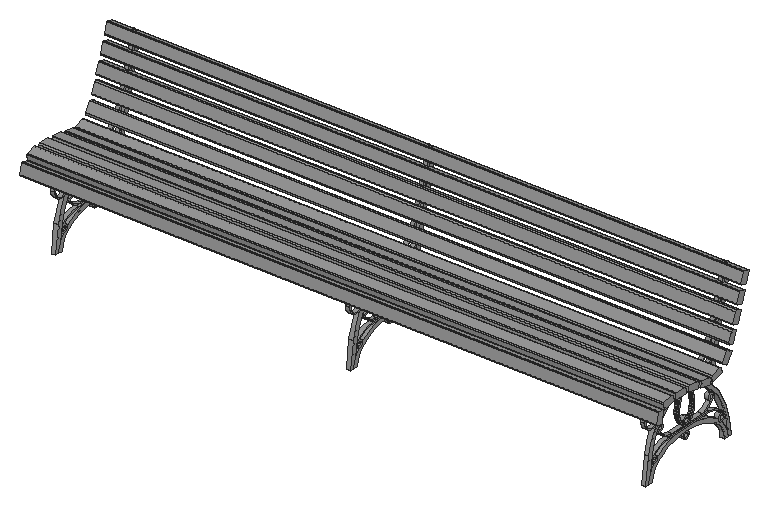
Revit family "Скамейка стальная «Флора» Арт 6831", category Антураж, Revit 2018
Family settings
  На основе рабочей плоскости = Нет
  Всегда вертикально = Да
  При загрузке вырезать с полостями = Нет
  Источник визуального образа = Геометрия семейства
  Общий = Нет
  Точка расчета площади = Нет
Parameters (values of type "Версия 3,0 м (3 опоры)")
  Ширина = 549 mm  # constant formula
  Цвет опор = Сталь
  Цвет лавки = Дерево
  Средняя опора = or([Версия 2,0 м (3 опоры)], [Версия 3,0 м (3 опоры)])  # yes
  Описание = if([Версия 0,6 м (кресло)], "Скамейка стальная «Флора». Версия 0,6 м Кресло", if([Версия 1,2 м], "Скамейка стальная «Флора». Версия 1,2 м", if([Версия 1,5 м], "Скамейка стальная «Флора». Версия 1,5 м", if([Версия 1,8 м], "Скамейка стальная «Флора». Версия 1,8 м", if([Версия 2,0 м], "Скамейка стальная «Флора». Версия 2,0 м", if([Версия 2,0 м (3 опоры)], "Скамейка стальная «Флора». Версия 2,0 м (3 опоры)", "Скамейка стальная «Флора». Версия 3,0 м (3 опоры)"))))))  # "Скамейка стальная «Флора». Версия 3,0 м (3 опоры)"
  Материал изделия = "Сталь, дерево"  # constant formula
  Изображение типоразмера = Скамейка стальная «Флора» Арт 6831.jpg
  Изготовитель = "ООО «Хоббика»"  # constant formula
  Длина = if([Версия 0,6 м (кресло)], 600 mm, if([Версия 1,2 м], 1200 mm, if([Версия 1,5 м], 1500 mm, if([Версия 1,8 м], 1800 mm, if([Версия 2,0 м], 2000 mm, if([Версия 2,0 м (3 опоры)], 2000 mm, 3000 mm))))))  # 3000 mm
  Группа модели = "Садовые скамейки"  # constant formula
  Высота = 750 mm  # constant formula
  Версия 3,0 м (3 опоры) = yes
  Версия 2,0 м (3 опоры) = no
  Версия 2,0 м = no
  Версия 1,8 м = no
  Версия 1,5 м = no
  Версия 1,2 м = no
  Версия 0,6 м (кресло) = no
  Артикул товара = "Арт. 6831"  # constant formula
  URL = "https://hobbyka.ru/product/sadovo-parkovaia_skameika_flora/"
Types (8, lengths in mm): name | Средняя опора | Описание | Изображение типоразмера | Длина | Версия 3,0 м (3 опоры) | Версия 2,0 м (3 опоры) | Версия 2,0 м | Версия 1,8 м | Версия 1,5 м | Версия 1,2 м | Версия 0,6 м (кресло)
  (no name) | yes | "Скамейка стальная «Флора». Версия 3,0 м (3 опоры)" | Скамейка стальная «Флора» Арт 6831.jpg | 3000 | yes | no | no | no | no | no | no
  Версия 0,6 м (Кресло) | no | "Скамейка стальная «Флора». Версия 0,6 м Кресло" | Скамейка стальная «Флора» Арт 6831 Кресло.jpg | 600 | no | no | no | no | no | no | yes
  Версия 1,2 м | no | "Скамейка стальная «Флора». Версия 1,2 м" | Скамейка стальная «Флора» Арт 6831.jpg | 1200 | no | no | no | no | no | yes | no
  Версия 1,5 м | no | "Скамейка стальная «Флора». Версия 1,5 м" | Скамейка стальная «Флора» Арт 6831.jpg | 1500 | no | no | no | no | yes | no | no
  Версия 1,8 м | no | "Скамейка стальная «Флора». Версия 1,8 м" | Скамейка стальная «Флора» Арт 6831.jpg | 1800 | no | no | no | yes | no | no | no
  Версия 2,0 м | no | "Скамейка стальная «Флора». Версия 2,0 м" | Скамейка стальная «Флора» Арт 6831.jpg | 2000 | no | no | yes | no | no | no | no
  Версия 2,0 (3 опоры) | yes | "Скамейка стальная «Флора». Версия 2,0 м (3 опоры)" | Скамейка стальная «Флора» Арт 6831.jpg | 2000 | no | yes | no | no | no | no | no
  Версия 3,0 м (3 опоры) | yes | "Скамейка стальная «Флора». Версия 3,0 м (3 опоры)" | Скамейка стальная «Флора» Арт 6831.jpg | 3000 | yes | no | no | no | no | no | no
Reference planes
  plane 1 "По центру (Вперед/Назад)": y = 0
  plane 2: z = 0
  plane 3 "По центру (Влево/Вправо)": x = 0
  plane 4: y = 549
  plane 5: x = 3000
  plane 6: x = 100
  plane 7: x = 2900
  plane 8: x = 1500
  plane 9: x = 1490
  plane 10: z = 750
Forms (mm)
  Extrusion 1, solid, material "Дерево" <- "Цвет лавки"
    sketch origin (0, 0, 0) x (0, 1, 0) y (0, 0, 1)
      loop
        line (499.112, 748.215) -> (493.272, 745.192) -> (479.186, 700.877) -> (482.209, 695.037) -> (504.169, 688.057)
        arc (504.169, 688.057) -> (512.405, 714.716) -> (520.494, 741.419) r 5041.659
        line (520.494, 741.419) -> (499.112, 748.215)
      loop
        line (475.139, 675.042) -> (469.299, 672.019) -> (455.214, 627.704) -> (458.237, 621.864) -> (480.675, 614.732)
        arc (480.675, 614.732) -> (489.317, 641.26) -> (497.813, 667.835) r 5041.659
        line (497.813, 667.835) -> (475.139, 675.042)
      loop
        line (451.167, 601.869) -> (445.327, 598.846) -> (431.241, 554.53) -> (434.264, 548.69) -> (456.06, 541.763)
        arc (456.06, 541.763) -> (465.109, 568.161) -> (474.011, 594.608) r 5041.659
        line (474.011, 594.608) -> (451.167, 601.869)
      loop
        line (426.767, 528.992) -> (420.927, 525.969) -> (406.841, 481.654) -> (409.864, 475.814) -> (430.376, 469.294)
        arc (430.376, 469.294) -> (439.83, 495.562) -> (449.138, 521.881) r 5041.659
        line (449.138, 521.881) -> (426.767, 528.992)
      loop
        line (402.174, 455.879) -> (395.756, 454.446) -> (370.832, 415.19) -> (372.265, 408.772) -> (391.717, 396.422)
        arc (391.717, 396.422) -> (406.482, 420.097) -> (421.115, 443.854) r 5041.659
        line (421.115, 443.854) -> (402.174, 455.879)
      loop
        line (358.929, 397.452) -> (353.103, 400.502) -> (308.723, 386.622) -> (305.673, 380.796) -> (312.551, 358.804)
        arc (312.551, 358.804) -> (339.112, 367.348) -> (365.626, 376.038) r 5041.659
        line (365.626, 376.038) -> (358.929, 397.452)
      loop
        line (298.92, 379.749) -> (295.245, 385.202) -> (249.602, 394.09) -> (244.149, 390.415) -> (239.745, 367.798)
        arc (239.745, 367.798) -> (267.174, 362.686) -> (294.632, 357.726) r 5041.659
        line (294.632, 357.726) -> (298.92, 379.749)
      loop
        line (228.158, 393.739) -> (224.232, 399.015) -> (178.226, 405.77) -> (172.949, 401.845) -> (169.602, 379.048)
        arc (169.602, 379.048) -> (197.24, 375.218) -> (224.898, 371.541) r 5041.659
        line (224.898, 371.541) -> (228.158, 393.739)
      loop
        line (151.527, 403.317) -> (146.877, 407.967) -> (100.377, 407.967) -> (95.727, 403.317) -> (95.727, 380.275)
        arc (95.727, 380.275) -> (123.628, 380.501) -> (151.527, 380.881) r 5041.659
        line (151.527, 380.881) -> (151.527, 403.317)
      loop
        line (76.378, 404.135) -> (70.742, 407.524) -> (25.62, 396.288) -> (22.231, 390.652) -> (27.799, 368.293)
        arc (27.799, 368.293) -> (54.819, 375.254) -> (81.799, 382.364) r 5041.659
        line (81.799, 382.364) -> (76.378, 404.135)
      loop
        line (-2.39, 373.649) -> (-7.778, 369.879) -> (-15.866, 324.088) -> (-12.096, 318.7) -> (10.595, 314.692)
        arc (10.595, 314.692) -> (15.225, 342.207) -> (19.704, 369.747) r 5041.659
        line (19.704, 369.747) -> (-2.39, 373.649)
    from 0 to 3000
Dimensions and locks
  "Ширина": plane 4 to plane 1 "По центру (Вперед/Назад)"
  "Длина": plane 3 "По центру (Влево/Вправо)" to plane 5
  locked: plane 3 "По центру (Влево/Вправо)" to plane 6 at 100
  locked: plane 7 to plane 5 at 100
  equal spacing: plane 3 "По центру (Влево/Вправо)", plane 8, plane 5
  locked: plane 9 to plane 8 at 10
  "Высота": plane 10 to plane 2
  aligned and locked: level to plane 2
  aligned and locked: plane 6 to nested 1
  aligned and locked: plane 7 to nested 2
  aligned and locked: plane 9 to nested 3
  aligned and locked: nested 1 to nested 3
  aligned and locked: plane 5 to Extrusion 1
Automatic sketch dimensions
  Extrusion 1 sketch curve to Extrusion 1 sketch curve = 0 mm  (x12)
  plane 10 to Extrusion 1 sketch curve = 415.227 mm
  plane 1 "По центру (Вперед/Назад)" to Extrusion 1 sketch curve = 4958.803 mm
  Extrusion 1 sketch curve to Extrusion 1 sketch curve = 650.128 mm
  Extrusion 1 sketch curve to Extrusion 1 sketch curve = 429.835 mm
  plane 1 "По центру (Вперед/Назад)" to Extrusion 1 sketch curve = 1217.93 mm
  Extrusion 1 sketch curve to Extrusion 1 sketch curve = 1.496 mm
  plane 1 "По центру (Вперед/Назад)" to Extrusion 1 sketch curve = 15.866 mm
  Extrusion 1 sketch curve to Extrusion 1 sketch curve = 3.77 mm  (x2)
  plane 1 "По центру (Вперед/Назад)" to Extrusion 1 sketch curve = 7.778 mm
  plane 1 "По центру (Вперед/Назад)" to Extrusion 1 sketch curve = 2.39 mm
  Extrusion 1 sketch curve to plane 1 "По центру (Вперед/Назад)" = 10.595 mm
  Extrusion 1 sketch curve to plane 1 "По центру (Вперед/Назад)" = 19.704 mm
  Extrusion 1 sketch curve to Extrusion 1 sketch curve = 2.527 mm
  Extrusion 1 sketch curve to Extrusion 1 sketch curve = 3.389 mm  (x2)
  Extrusion 1 sketch curve to Extrusion 1 sketch curve = 8.095 mm
  Extrusion 1 sketch curve to plane 1 "По центру (Вперед/Назад)" = 68.934 mm
  Extrusion 1 sketch curve to Extrusion 1 sketch curve = 45.122 mm
  Extrusion 1 sketch curve to Extrusion 1 sketch curve = 5.636 mm  (x2)
  Extrusion 1 sketch curve to Extrusion 1 sketch curve = 5.421 mm
  Extrusion 1 sketch curve to Extrusion 1 sketch curve = 13.928 mm
  Extrusion 1 sketch curve to Extrusion 1 sketch curve = 4.65 mm  (x4)
  Extrusion 1 sketch curve to Extrusion 1 sketch curve = 46.5 mm
  Extrusion 1 sketch curve to Extrusion 1 sketch curve = 18.075 mm
  Extrusion 1 sketch curve to Extrusion 1 sketch curve = 21.423 mm
  Extrusion 1 sketch curve to Extrusion 1 sketch curve = 5.276 mm  (x2)
  Extrusion 1 sketch curve to Extrusion 1 sketch curve = 46.007 mm
  Extrusion 1 sketch curve to Extrusion 1 sketch curve = 0.666 mm
  Extrusion 1 sketch curve to Extrusion 1 sketch curve = 3.925 mm  (x2)
  Extrusion 1 sketch curve to Extrusion 1 sketch curve = 14.846 mm
  Extrusion 1 sketch curve to Extrusion 1 sketch curve = 15.992 mm
  Extrusion 1 sketch curve to Extrusion 1 sketch curve = 5.453 mm  (x2)
  Extrusion 1 sketch curve to Extrusion 1 sketch curve = 54.887 mm
  Extrusion 1 sketch curve to Extrusion 1 sketch curve = 0.613 mm
  Extrusion 1 sketch curve to Extrusion 1 sketch curve = 3.675 mm  (x2)
  Extrusion 1 sketch curve to Extrusion 1 sketch curve = 6.753 mm
  Extrusion 1 sketch curve to Extrusion 1 sketch curve = 3.05 mm  (x2)
  Extrusion 1 sketch curve to Extrusion 1 sketch curve = 17.919 mm
  Extrusion 1 sketch curve to Extrusion 1 sketch curve = 44.38 mm
  Extrusion 1 sketch curve to Extrusion 1 sketch curve = 5.826 mm  (x2)
  Extrusion 1 sketch curve to Extrusion 1 sketch curve = 6.697 mm
  Extrusion 1 sketch curve to Extrusion 1 sketch curve = 11.903 mm
  Extrusion 1 sketch curve to Extrusion 1 sketch curve = 1.433 mm  (x2)
  Extrusion 1 sketch curve to Extrusion 1 sketch curve = 19.452 mm
  Extrusion 1 sketch curve to Extrusion 1 sketch curve = 24.924 mm
  Extrusion 1 sketch curve to Extrusion 1 sketch curve = 6.418 mm  (x2)
  Extrusion 1 sketch curve to Extrusion 1 sketch curve = 4.667 mm
  Extrusion 1 sketch curve to Extrusion 1 sketch curve = 3.023 mm  (x7)
  Extrusion 1 sketch curve to Extrusion 1 sketch curve = 14.085 mm  (x4)
  Extrusion 1 sketch curve to Extrusion 1 sketch curve = 18.941 mm
  Extrusion 1 sketch curve to Extrusion 1 sketch curve = 5.84 mm  (x8)
  Extrusion 1 sketch curve to Extrusion 1 sketch curve = 20.512 mm
  Extrusion 1 sketch curve to Extrusion 1 sketch curve = 4.475 mm
  Extrusion 1 sketch curve to Extrusion 1 sketch curve = 22.371 mm
  Extrusion 1 sketch curve to Extrusion 1 sketch curve = 4.047 mm  (x2)
  Extrusion 1 sketch curve to Extrusion 1 sketch curve = 6.923 mm
  Extrusion 1 sketch curve to Extrusion 1 sketch curve = 22.844 mm
  Extrusion 1 sketch curve to Extrusion 1 sketch curve = 6.664 mm
  Extrusion 1 sketch curve to plane 10 = 4.808 mm
  Extrusion 1 sketch curve to Extrusion 1 sketch curve = 22.673 mm
  Extrusion 1 sketch curve to plane 10 = 1.785 mm
  Extrusion 1 sketch curve to Extrusion 1 sketch curve = 6.356 mm
  Extrusion 1 sketch curve to plane 10 = 8.581 mm
  Extrusion 1 sketch curve to Extrusion 1 sketch curve = 21.382 mm
  plane 4 to Extrusion 1 sketch curve = 326.483 mm
  Extrusion 1 sketch curve to Extrusion 1 sketch curve = 301.65 mm
  Extrusion 1 sketch curve to Extrusion 1 sketch curve = 44.315 mm
  Extrusion 1 sketch curve to Extrusion 1 sketch curve = 6.98 mm
  Extrusion 1 sketch curve to Extrusion 1 sketch curve = 19.995 mm  (x2)
  Extrusion 1 sketch curve to Extrusion 1 sketch curve = 20.222 mm
  Extrusion 1 sketch curve to Extrusion 1 sketch curve = 12.972 mm
  Extrusion 1 sketch curve to Extrusion 1 sketch curve = 20.124 mm
  Extrusion 1 sketch curve to Extrusion 1 sketch curve = 12.768 mm
  Extrusion 1 sketch curve to Extrusion 1 sketch curve = 19.698 mm
  Extrusion 1 sketch curve to Extrusion 1 sketch curve = 19.881 mm
  Extrusion 1 sketch curve to Extrusion 1 sketch curve = 12.36 mm
  Extrusion 1 sketch curve to Extrusion 1 sketch curve = 19.934 mm
  Extrusion 1 sketch curve to Extrusion 1 sketch curve = 12.026 mm
  Extrusion 1 sketch curve to Extrusion 1 sketch curve = 39.256 mm
  Extrusion 1 sketch curve to Extrusion 1 sketch curve = 7.223 mm
  Extrusion 1 sketch curve to Extrusion 1 sketch curve = 0.443 mm
  Extrusion 1 sketch curve to Extrusion 1 sketch curve = 2.197 mm
  Extrusion 1 sketch curve to Extrusion 1 sketch curve = 8.27 mm
  Extrusion 1 sketch curve to Extrusion 1 sketch curve = 6.755 mm
  Extrusion 1 sketch curve to Extrusion 1 sketch curve = 12.35 mm
  Extrusion 1 sketch curve to Extrusion 1 sketch curve = 11.236 mm
  Extrusion 1 sketch curve to Extrusion 1 sketch curve = 4.925 mm
  Extrusion 1 sketch curve to Extrusion 1 sketch curve = 13.88 mm
  Extrusion 1 sketch curve to Extrusion 1 sketch curve = 1.42 mm
  Extrusion 1 sketch curve to Extrusion 1 sketch curve = 21.771 mm
  Extrusion 1 sketch curve to Extrusion 1 sketch curve = 22.436 mm
  Extrusion 1 sketch curve to Extrusion 1 sketch curve = 2.089 mm
  Extrusion 1 sketch curve to Extrusion 1 sketch curve = 1.833 mm
  Extrusion 1 sketch curve to Extrusion 1 sketch curve = 21.413 mm
  Extrusion 1 sketch curve to Extrusion 1 sketch curve = 17.003 mm
  Extrusion 1 sketch curve to Extrusion 1 sketch curve = 22.198 mm
  Extrusion 1 sketch curve to Extrusion 1 sketch curve = 20.905 mm
  Extrusion 1 sketch curve to Extrusion 1 sketch curve = 1.454 mm
  Extrusion 1 sketch curve to Extrusion 1 sketch curve = 3.742 mm
  Extrusion 1 sketch curve to Extrusion 1 sketch curve = 21.991 mm
  Extrusion 1 sketch curve to Extrusion 1 sketch curve = 1.078 mm
  Extrusion 1 sketch curve to Extrusion 1 sketch curve = 9.396 mm
  Extrusion 1 sketch curve to Extrusion 1 sketch curve = 5.388 mm
Nested families
  nested 1: "Скамейка стальная «Флора» Арт 6831 опора" at (100, -15, 0), type "Скамейка стальная «Флора» Арт 6831 опора"
  nested 2: "Скамейка стальная «Флора» Арт 6831 опора" at (2900, -15, 0) x (-1, 0, 0) z (0, 0, 1), type "Скамейка стальная «Флора» Арт 6831 опора"
  nested 3: "Скамейка стальная «Флора» Арт 6831 опора" at (1490, -15, 0), visible <- "Средняя опора", type "Скамейка стальная «Флора» Арт 6831 опора"
Definition of nested family "Скамейка стальная «Флора» Арт 6831 опора"
  Parameters (values of type "Скамейка стальная «Флора» Арт 6831 опора")
    Цвет опор = none
    Height = 0 mm
  Reference planes
    plane 1 "По центру (Вперед/Назад)": y = 0
    plane 2: z = 0
    plane 3 "По центру (Влево/Вправо)": x = 0
    plane 4: y = 549
    plane 5: z = 750
  Forms (mm)
    Extrusion 1, solid, material <- "Цвет опор"
      sketch origin (0, 0, 0) x (0, 1, 0) y (0, 0, 1)
        loop
          arc (301.704, 349.893) -> (210.912, 317.746) -> (136.461, 256.642) r 278.993
          arc (136.461, 256.642) -> (95.986, 194.404) -> (73.358, 123.696) r 278.993
          line (73.358, 123.696) -> (57.972, 2.365) -> (75.612, 2.365) -> (90.663, 121.052)
          arc (90.663, 121.052) -> (111.888, 187.095) -> (149.732, 245.234) r 261.493
          arc (149.732, 245.234) -> (217.639, 301.438) -> (300.364, 331.885) r 261.493
          arc (300.364, 331.885) -> (472.332, 205.005) -> (540.214, 2.365) r 354.762
          line (540.214, 2.365) -> (557.717, 2.365)
          arc (557.717, 2.365) -> (485.222, 217.022) -> (301.704, 349.893) r 372.262
      from 0 to 20
    Extrusion 2, solid, material <- "Цвет опор"
      sketch origin (0, 0, 0) x (0, 1, 0) y (0, 0, 1)
        loop
          line (534.301, 718.967) -> (430.228, 276.748)
          arc (430.228, 276.748) -> (437.088, 270.612) -> (443.794, 264.309) r 372.262
          line (443.794, 264.309) -> (549.876, 715.303) -> (534.301, 718.967)
      from 0 to 20
    Extrusion 3, solid, material <- "Цвет опор"
      sketch origin (0, 0, 0) x (0, 1, 0) y (0, 0, 1)
        loop
          line (520.323, 2.365) -> (537.823, 2.365)
          spline (537.823, 2.365) -> (529.084, 43.168) -> (504.461, 79.64) -> (466.955, 109.588) -> (419.457, 131.904) -> (364.995, 145.711) -> (306.937, 150.389) -> (248.878, 145.712) -> (194.418, 131.902) -> (146.919, 109.592) -> (109.409, 79.632) -> (84.792, 43.169) -> (76.05, 2.365)
          line (76.05, 2.365) -> (93.55, 2.365)
          spline (93.55, 2.365) -> (100.821, 36.147) -> (122.139, 67.627) -> (156.05, 94.66) -> (200.244, 115.403) -> (251.708, 128.443) -> (306.937, 132.89) -> (362.165, 128.443) -> (413.63, 115.403) -> (457.824, 94.66) -> (491.735, 67.627) -> (513.052, 36.147) -> (520.323, 2.365)
      from 0 to 20
    Extrusion 4, solid, material <- "Цвет опор"
      sketch origin (0, 0, 0) x (0, 1, 0) y (0, 0, 1)
        loop
          circle (93.766, 270.302) r 38.82
        loop
          circle (93.766, 270.302) r 41.32
        loop
          circle (299.059, 308.491) r 13.146
        loop
          circle (295.44, 177.541) r 13.348
        loop
          circle (299.059, 308.491) r 15.646
        loop
          circle (295.44, 177.541) r 15.848
        loop
          circle (294.008, 116.632) r 13.25
        loop
          circle (294.008, 116.632) r 15.75
      from 0 to 20
    Extrusion 5, solid, material <- "Цвет опор"
      sketch origin (0, 0, 0) x (0, 1, 0) y (0, 0, 1)
        loop
          circle (443.345, 212.462) r 12
        loop
          arc (455.306, 203.411) -> (435.213, 225.067) -> (446.66, 197.833) r 15
          arc (446.66, 197.833) -> (420.726, 176.578) -> (389.896, 163.391) r 119.151
          arc (389.896, 163.391) -> (301.157, 159.064) -> (212.316, 158.203) r 2276.696
          arc (212.316, 158.203) -> (169.141, 169.475) -> (136.385, 199.777) r 91.777
          arc (136.385, 199.777) -> (151.027, 225.644) -> (129.975, 204.661) r 15
          arc (129.975, 204.661) -> (164.404, 168.736) -> (212.287, 155.203) r 94.777
          arc (212.287, 155.203) -> (301.39, 156.07) -> (390.391, 160.418) r 2279.696
          arc (390.391, 160.418) -> (426.366, 176.604) -> (455.306, 203.411) r 122.151
        loop
          circle (141.936, 213.712) r 12
        loop
          circle (503.22, 99.366) r 13.25
        loop
          arc (517.533, 107.629) -> (481.725, 142.848) -> (432.957, 154.858) r 94.895
          line (432.957, 154.858) -> (193.426, 147.788)
          arc (193.426, 147.788) -> (138.424, 135.151) -> (92.444, 102.429) r 144.65
          arc (92.444, 102.429) -> (115.382, 80.075) -> (105.121, 110.416) r 16.471
          arc (105.121, 110.416) -> (146.355, 135.22) -> (193.514, 144.789) r 141.65
          line (193.514, 144.789) -> (433.041, 151.859)
          arc (433.041, 151.859) -> (475.807, 142.559) -> (509.421, 114.533) r 91.895
          arc (509.421, 114.533) -> (492.7, 86.668) -> (517.533, 107.629) r 16.471
        loop
          circle (106.757, 94.166) r 13.25
      from 0 to 20
    Extrusion 6, solid, material <- "Цвет опор"
      sketch origin (0, 0, 0) x (0, 1, 0) y (0, 0, 1)
        loop
          line (298.582, 161.214) -> (293.901, 161.04) -> (292.836, 161.283) -> (292.024, 161.336) -> (288.494, 162.029) -> (285.082, 163.172) -> (281.847, 164.745) -> (278.841, 166.722) -> (276.115, 169.07) -> (271.97, 173.448) -> (268.161, 178.122) -> (264.709, 183.064) -> (261.632, 188.249) -> (258.948, 193.648) -> (256.671, 199.231) -> (254.815, 204.967) -> (253.388, 210.824) -> (252.4, 216.772) -> (251.854, 222.776) -> (251.756, 228.804) -> (252.104, 234.823) -> (252.838, 239.01) -> (253.635, 243.185) -> (254.494, 247.347) -> (255.414, 251.497) -> (256.395, 255.633) -> (257.438, 259.753) -> (258.542, 263.858) -> (259.706, 267.945) -> (260.931, 272.015) -> (262.216, 276.067) -> (263.561, 280.099) -> (264.966, 284.11) -> (266.43, 288.101) -> (267.953, 292.069) -> (269.535, 296.014) -> (271.175, 299.935) -> (272.873, 303.831) -> (274.629, 307.702) -> (276.442, 311.547) -> (278.312, 315.364) -> (280.238, 319.153) -> (282.22, 322.913) -> (284.257, 326.643) -> (286.35, 330.342) -> (282.33, 329.329) -> (281.635, 328.1) -> (279.576, 324.331) -> (277.573, 320.532) -> (275.627, 316.703) -> (273.738, 312.846) -> (271.906, 308.962) -> (270.132, 305.05) -> (268.416, 301.113) -> (266.759, 297.151) -> (265.161, 293.165) -> (263.622, 289.155) -> (262.142, 285.123) -> (260.723, 281.069) -> (259.363, 276.995) -> (258.065, 272.901) -> (256.827, 268.789) -> (255.65, 264.658) -> (254.535, 260.511) -> (253.481, 256.347) -> (252.49, 252.168) -> (251.56, 247.975) -> (250.692, 243.769) -> (249.887, 239.55) -> (249.119, 235.17) -> (248.754, 228.866) -> (248.857, 222.616) -> (249.422, 216.39) -> (250.447, 210.223) -> (251.926, 204.149) -> (253.851, 198.201) -> (256.212, 192.412) -> (258.995, 186.814) -> (262.185, 181.438) -> (265.765, 176.313) -> (269.715, 171.467) -> (274.041, 166.897) -> (277.03, 164.322) -> (280.36, 162.132) -> (283.946, 160.389) -> (287.725, 159.123) -> (288.558, 158.959) -> (294.252, 159.104) -> (301.614, 159.311) -> (304.314, 159.394) -> (307.284, 160.389) -> (310.869, 162.132) -> (314.199, 164.322) -> (317.188, 166.897) -> (321.515, 171.467) -> (325.464, 176.313) -> (329.044, 181.438) -> (332.234, 186.814) -> (335.017, 192.412) -> (337.378, 198.201) -> (339.303, 204.149) -> (340.782, 210.223) -> (341.808, 216.39) -> (342.373, 222.616) -> (342.475, 228.866) -> (342.117, 235.055) -> (341.714, 239.209) -> (341.253, 243.321) -> (340.732, 247.425) -> (340.149, 251.521) -> (339.506, 255.608) -> (338.802, 259.685) -> (338.038, 263.752) -> (337.214, 267.806) -> (336.329, 271.848) -> (335.385, 275.876) -> (334.381, 279.89) -> (333.318, 283.888) -> (332.196, 287.87) -> (331.015, 291.836) -> (329.775, 295.783) -> (328.476, 299.711) -> (327.12, 303.62) -> (325.705, 307.508) -> (324.234, 311.375) -> (322.705, 315.219) -> (321.119, 319.041) -> (319.476, 322.838) -> (317.778, 326.611) -> (317.355, 327.515) -> (313.316, 329.066) -> (315.052, 325.359) -> (316.732, 321.627) -> (318.356, 317.87) -> (319.925, 314.09) -> (321.438, 310.287) -> (322.894, 306.462) -> (324.293, 302.615) -> (325.635, 298.749) -> (326.919, 294.863) -> (328.146, 290.958) -> (329.314, 287.035) -> (330.425, 283.096) -> (331.477, 279.14) -> (332.47, 275.17) -> (333.404, 271.185) -> (334.278, 267.187) -> (335.094, 263.176) -> (335.85, 259.153) -> (336.546, 255.12) -> (337.182, 251.077) -> (337.758, 247.025) -> (338.274, 242.964) -> (338.73, 238.897) -> (339.126, 234.823) -> (339.474, 228.804) -> (339.375, 222.776) -> (338.83, 216.772) -> (337.841, 210.824) -> (336.415, 204.967) -> (334.558, 199.231) -> (332.282, 193.648) -> (329.598, 188.249) -> (326.521, 183.064) -> (323.069, 178.122) -> (319.26, 173.448) -> (315.115, 169.07) -> (312.389, 166.722) -> (309.383, 164.745) -> (306.147, 163.172) -> (302.735, 162.029) -> (298.582, 161.214)
      from 0 to 20
    Extrusion 7, solid, material <- "Цвет опор"
      sketch origin (0, 0, 0) x (0, 1, 0) y (0, 0, 1)
        loop
          line (56.878, 352.505) -> (76.382, 345.461)
          arc (76.382, 345.461) -> (82.112, 348.136) -> (88.213, 349.799) r 37.11
          arc (88.213, 349.799) -> (177.385, 353.64) -> (265.793, 341.371) r 493.951
          arc (265.793, 341.371) -> (283.608, 346.226) -> (301.704, 349.893) r 278.993
          arc (301.704, 349.893) -> (194.529, 370.084) -> (85.509, 367.093) r 511.451
          arc (85.509, 367.093) -> (70.096, 361.952) -> (56.878, 352.505) r 54.61
      from 0 to 20
    Extrusion 8, solid, material <- "Цвет опор"
      sketch origin (0, 0, 0) x (0, 1, 0) y (0, 0, 1)
        loop
          circle (56.433, 326.695) r 23.047
        loop
          circle (56.433, 326.695) r 26.047
      from 0 to 20
    Extrusion 9, solid, material <- "Цвет опор"
      sketch origin (0, 0, 0) x (0, 1, 0) y (0, 0, 1)
        loop
          circle (437.311, 397.127) r 17
        loop
          arc (456.312, 390.884) -> (421.325, 409.146) -> (448.586, 380.608) r 20
          arc (448.586, 380.608) -> (401.189, 339.398) -> (338.415, 341.403) r 85.996
          arc (338.415, 341.403) -> (313.293, 350.628) -> (287.326, 357.101) r 248.744
          line (287.326, 357.101) -> (286.765, 354.154)
          arc (286.765, 354.154) -> (312.415, 347.759) -> (337.23, 338.647) r 245.744
          arc (337.23, 338.647) -> (408.11, 338.917) -> (456.312, 390.884) r 88.996
      from 0 to 20
    Extrusion 10, solid, material <- "Цвет опор"
      sketch origin (0, 0, 0) x (0, 1, 0) y (0, 0, 1)
        loop
          arc (535.805, 742.457) -> (488.735, 593.782) -> (437.089, 446.635) r 5041.659
          arc (437.089, 446.635) -> (379.856, 377.429) -> (291.909, 359.249) r 135.422
          arc (291.909, 359.249) -> (184.893, 380.031) -> (75.891, 378.325) r 526.396
          arc (75.891, 378.325) -> (42.317, 361.391) -> (27.392, 326.876) r 55.171
          arc (27.392, 326.876) -> (32.624, 310.639) -> (47.472, 302.238) r 23.461
          arc (47.472, 302.238) -> (34.671, 311.492) -> (30.386, 326.695) r 24.016
          arc (30.386, 326.695) -> (44.5, 359.333) -> (76.248, 375.346) r 52.171
          arc (76.248, 375.346) -> (184.749, 377.032) -> (291.266, 356.308) r 523.396
          arc (291.266, 356.308) -> (381.298, 374.796) -> (439.904, 445.598) r 138.422
          arc (439.904, 445.598) -> (491.574, 592.812) -> (538.666, 741.554) r 5044.659
          line (538.666, 741.554) -> (535.805, 742.457)
      from 0 to 20
  Dimensions and locks
    aligned and locked: level to plane 2
